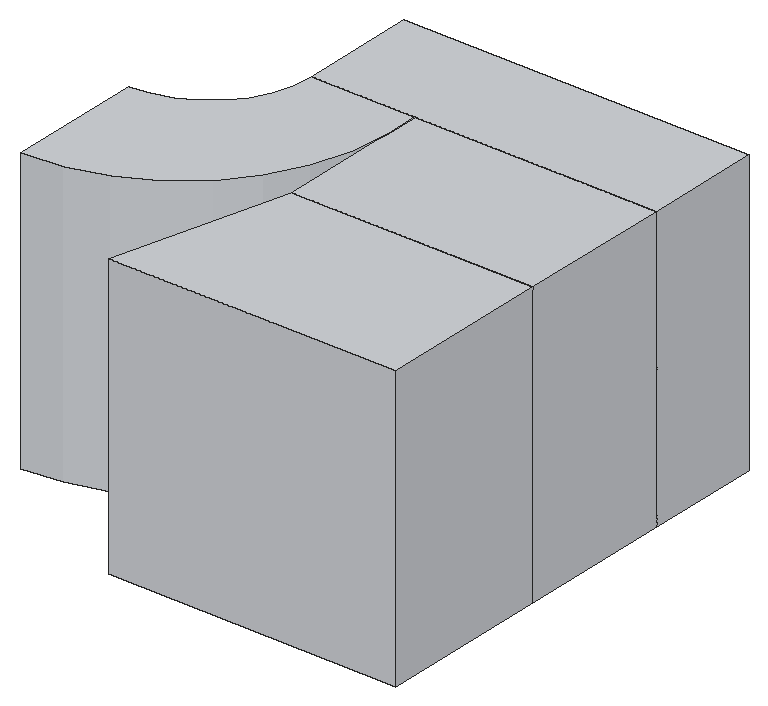
Revit family "Customizer_Fitting New", category Duct Fittings, Revit 2015
Parameters (values of type "Takeoff 15")
  u [instance] = if(W5 > W4, 105.00°, 75.00°)  # 105.00°
  angle [instance] = if(W5 = W4, 90.00°, u)  # 105.00°
  W5 [instance] = 254 mm
  W4 [instance] = W1 - W2  # 213.36 mm
  W3 [instance] = 120 mm
  W2 [instance] = (CFM2 * W1) / CFM1  # 91.44 mm
  W1 [instance] = 304.8 mm
  Transitation angle [instance] = 15.00°
  Trans-Length [instance] = if(W5 = W4, L, Trans)  # 151.671 mm
  Trans [instance] = if(W5 > W4, ((W5 - W1 + W2) / 0.26795), ((W4 - W5) / 0.26795))  # 151.671 mm
  R2 [instance] = W2 + (0.75 * W3)  # 181.44 mm
  R1 [instance] = 0.75 * W3  # 90 mm
  OffsetR2 [instance] = W3 + R1 - R2  # 28.56 mm
  L [instance] = 73.761 mm
  Duct Height [instance] = 250 mm
  CFM3 [instance] = CFM1 - CFM2  # 0.7 CFM
  CFM2 [instance] = 0.3 CFM
  CFM1 [instance] = 1.0 CFM
Reference planes
  plane 1 "Center (Front/Back)": y = 0
  plane 2: z = 0
  plane 3 "Center (Left/Right)": x = 0
  plane 4: x = -152.4
  plane 5: x = 152.4
  plane 6: z = 127
  plane 7: z = -123
  plane 8: x = -242.4
  plane 9: y = -101.6
  plane 10: y = -191.6
  plane 11: x = -60.96
  plane 12: y = -311.6
  plane 13: x = -101.6
  plane 14: y = -237.839
  plane 15: y = -389.509
  plane 16: through (-74.568, -288.626, 1200) normal (0.9659, -0.2588, 0)
  plane 17: y = -130.16
Forms (mm)
  Extrusion 1, solid
    sketch origin (0, 0, 0) x (1, 0, 0) y (0, 0, 1)
      loop
        line (-152.4, -123) -> (152.4, -123) -> (152.4, 127) -> (-152.4, 127) -> (-152.4, -123)
    from 0 to 101.6
  Extrusion 2, solid
    sketch origin (0, 0, 0) x (1, 0, 0) y (0, 1, 0)
      loop
        line (-242.4, -191.6) -> (-242.4, -311.6)
        arc (-242.4, -311.6) -> (-114.103, -258.457) -> (-60.96, -130.16) r 181.44
        line (-60.96, -130.16) -> (-60.96, -101.6) -> (-152.4, -101.6)
        arc (-152.4, -101.6) -> (-178.76, -165.24) -> (-242.4, -191.6) r 90
    from -123 to 127
  Extrusion 3, solid
    sketch origin (0, 0, 0) x (1, 0, 0) y (0, 1, 0)
      loop
        line (-60.96, -237.839) -> (152.4, -237.839) -> (152.4, -101.6) -> (-60.96, -101.6) -> (-60.96, -237.839)
    from -123 to 127
  Extrusion 4, solid
    sketch origin (0, 0, 0) x (1, 0, 0) y (0, 1, 0)
      loop
        line (152.4, -237.839) -> (-60.96, -237.839) -> (-101.6, -389.509) -> (152.4, -389.509) -> (152.4, -237.839)
    from -123 to 127
Lines and regions (mm)
  model lines
    curve 1: line (-60.96, -101.6, 0) -> (-60.96, -166.2, 0)
Dimensions and locks
  "Duct Height": plane 6 to plane 7
  "R1": plane 10 to plane 9
  "W2": plane 4 to plane 11
  "W1": plane 4 to plane 5
  "R1": plane 8 to plane 4
  "W3": plane 12 to plane 10
  "W5": plane 13 to plane 5
  "Trans-Length": plane 14 to plane 15
  "L": plane 14 to plane 12
  "OffsetR2": plane 9 to plane 17
  "R1": radius of Extrusion 2 sketch curve
  "R2": radius of Extrusion 2 sketch curve
  "angle": angle plane 16 to plane 14
  aligned and locked: plane 6 to Extrusion 1  (x2)
  aligned and locked: plane 7 to Extrusion 1
  aligned and locked: Extrusion 2 to plane 7
  aligned and locked: plane 6 to Extrusion 2
  aligned and locked: Extrusion 1 to plane 7
  aligned and locked: plane 5 to Extrusion 1
  aligned and locked: plane 4 to Extrusion 1
  aligned and locked: plane 11 to Extrusion 2
  aligned and locked: plane 9 to Extrusion 2
  aligned and locked: Extrusion 1 to plane 1 "Center (Front/Back)"
  aligned and locked: plane 9 to Extrusion 1
  aligned and locked: Extrusion 3 to plane 11
  aligned and locked: plane 5 to Extrusion 3  (x3)
  aligned and locked: plane 6 to Extrusion 3
  aligned and locked: plane 7 to Extrusion 3
  aligned and locked: Extrusion 3 to plane 9
  aligned and locked: Extrusion 3 to plane 14
  aligned and locked: Extrusion 4 to plane 15
  aligned and locked: plane 5 to Extrusion 4  (x3)
  aligned and locked: plane 14 to Extrusion 4  (x3)
  aligned and locked: plane 6 to Extrusion 4
  aligned and locked: Extrusion 4 to plane 7
  aligned and locked: Extrusion 4 to plane 6
  aligned and locked: plane 7 to Extrusion 4
  aligned and locked: Extrusion 1 to plane 5
  aligned and locked: Extrusion 4 to plane 16  (x2)
  aligned and locked: Extrusion 4 sketch curve to plane 16
  aligned and locked: plane 14 to Extrusion 4 sketch curve
  aligned and locked: Extrusion 3 sketch curve to plane 14
  aligned and locked: plane 9 to Extrusion 2 sketch curve
  aligned and locked: plane 8 to Extrusion 2 sketch curve
  aligned and locked: plane 17 to Extrusion 2 sketch curve
Automatic sketch dimensions
  Extrusion 1 sketch curve to plane 4 = 0 mm
  Extrusion 1 sketch curve to plane 5 = 0 mm
  Extrusion 1 sketch curve to plane 7 = 0 mm
  Extrusion 1 sketch curve to plane 6 = 0 mm
  curve 1 to plane 11 = 0 mm
  plane 9 to curve 1 = 0 mm
  curve 1 to plane 10 = 25.4 mm
  plane 9 to Extrusion 3 sketch curve = 0 mm
  Extrusion 3 sketch curve to plane 11 = 0 mm
  Extrusion 3 sketch curve to plane 5 = 0 mm
  Extrusion 4 sketch curve to plane 5 = 0 mm
  Extrusion 4 sketch curve to plane 15 = 0 mm
Connectors
  hvac at (0, 0, 2), driven by "Duct Height", driven by "W1"
    settings: on Extrusion 1, index 1, duct flow 0.0 CFM, flow factor 0, pres drop 0.0 Pa, loss coef 0, conn angle 0.00°, conn width 304.8 mm, conn height 250 mm, conn diameter 609.6 mm, duct sys type 28, conn prof type 1, flow config 0, flow direction 0, loss method 0, conn ref index -1, conn util no, is conn primary yes, conn desc ""
  hvac at (25.4, -389.509, 2), driven by "Duct Height", driven by "W5"
    settings: on Extrusion 4, index 3, duct flow 0.0 CFM, flow factor 0, pres drop 0.0 Pa, loss coef 0, conn angle 0.00°, conn width 254 mm, conn height 250 mm, conn diameter 609.6 mm, duct sys type 28, conn prof type 1, flow config 0, flow direction 0, loss method 0, conn ref index -1, conn util no, is conn primary no, conn desc ""
  hvac at (-242.4, -251.6, 2), driven by "Duct Height", driven by "W3"
    settings: on Extrusion 2, index 4, duct flow 0.0 CFM, flow factor 0, pres drop 0.0 Pa, loss coef 0, conn angle 0.00°, conn width 120 mm, conn height 250 mm, conn diameter 609.6 mm, duct sys type 28, conn prof type 1, flow config 0, flow direction 0, loss method 0, conn ref index -1, conn util no, is conn primary no, conn desc ""
